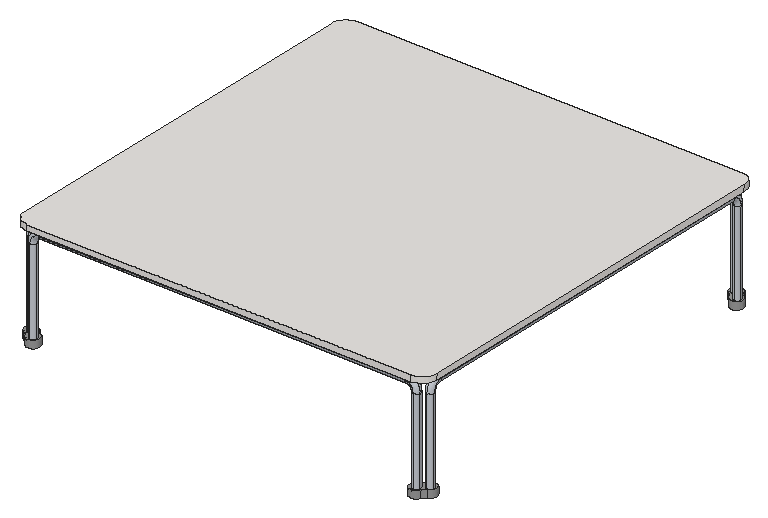
Revit family "FU_Modular_Sandler_Ari 1314", category Furniture, Revit 2020
Family settings
  OmniClass Number = 23.40.20.00
  OmniClass Title = General Furniture and Specialties
  Work Plane-Based = No
  Always vertical = Yes
  Cut with Voids When Loaded = No
  Shared = No
  Room Calculation Point = No
Parameters (values of type "Ari 1314")
  Width = 710 mm
  URL = "https://www.sandlerseating.com/product/ari-1314/"
  Top [instance] = Laminate - SileStone - White Storm
  Model = "Ari 1314"
  Manufacturer = "Sandler"
  Height = 190 mm
  Frame [instance] = Metal - Paint -AL VR - White Aluminium
  Description = "Square coffee table that can be freestanding or linked in the Ari indoor modular seating range. Table top comes in Silestone, HPL, or anti-fingerprint Fenix black laminate."
  Depth = 710 mm
  Default Elevation = 0 mm
Reference planes
  plane 1 "Center (Front/Back)": y = 0
  plane 2: z = 0
  plane 3 "Center (Left/Right)": x = 0
  plane 4 "Right": x = -355
  plane 5 "Left": x = 355
  plane 6 "Back": y = 355
  plane 7 "Front": y = -355
  plane 8 "Height": z = 190
  plane 9 "Frame height": z = 180
  plane 10 "Frame Right C TOP": x = -343
  plane 11 "Frame Front C TOP": y = -343
  plane 12 "Frame Left C TOP": x = 343
  plane 13 "Feet Right": z = 12
  plane 14 "Frame Back C TOP": y = 343
Forms (mm)
  Sweep 1, solid, material "Metal - Paint -AL VR - White Aluminium" <- "Frame"
    path origin (-343, 0, 0) x (0, 1, 0) y (0, 0, 1)
      loop
        line (-330.138, 12) -> (-330.138, 158.009)
        arc (-330.138, 158.009) -> (-325.598, 168.969) -> (-314.638, 173.509) r 15.5
        line (-314.638, 173.509) -> (314.638, 173.509)
        arc (314.638, 173.509) -> (325.598, 168.969) -> (330.138, 158.009) r 15.5
        line (330.138, 158.009) -> (330.138, 12)
    profile "Pro_Circles : 13mm" origin (-343, -330.138, 85.004) x (0, -1, 0) y (1, 0, 0)
      loop
        arc (6.467, 0.067) -> (4.592, 4.592) -> (0.067, 6.467) r 6.4
        arc (0.067, 6.467) -> (-4.545, 4.64) -> (-6.467, 0.067) r 6.401
        arc (-6.467, 0.067) -> (-4.593, -4.594) -> (0.067, -6.467) r 6.402
        arc (0.067, -6.467) -> (4.64, -4.545) -> (6.467, 0.067) r 6.401
  Sweep 2, solid, material "Metal - Paint -AL VR - White Aluminium" <- "Frame"
    path origin (0, -343, 0) x (1, 0, 0) y (0, 0, 1)
      loop
        line (-329.339, 12) -> (-329.339, 158.849)
        arc (-329.339, 158.849) -> (-324.799, 169.809) -> (-313.839, 174.349) r 15.5
        line (-313.839, 174.349) -> (314.278, 174.349)
        arc (314.278, 174.349) -> (325.238, 169.809) -> (329.778, 158.849) r 15.5
        line (329.778, 158.849) -> (329.778, 12)
    profile "Pro_Circles : 13mm" origin (-329.339, -343, 85.425) x (-1, 0, 0) y (0, -1, 0)
      loop
        arc (-6.467, 0.067) -> (-4.64, -4.545) -> (-0.067, -6.467) r 6.401
        arc (-0.067, -6.467) -> (4.593, -4.594) -> (6.467, 0.067) r 6.402
        arc (6.467, 0.067) -> (4.545, 4.64) -> (-0.067, 6.467) r 6.401
        arc (-0.067, 6.467) -> (-4.592, 4.592) -> (-6.467, 0.067) r 6.4
  Extrusion 3, solid, material "Rubber, Black"
    sketch origin (0, 0, 0) x (1, 0, 0) y (0, 1, 0)
      loop
        arc (-333.052, -325.488) -> (-350.954, -322.632) -> (-347.011, -340.326) r 10.957
        arc (-347.011, -340.326) -> (-342.509, -342.765) -> (-339.599, -346.977) r 11
        arc (-339.599, -346.977) -> (-321.636, -350.853) -> (-325.167, -332.822) r 11
        arc (-325.167, -332.822) -> (-330.068, -330.186) -> (-333.052, -325.488) r 11
    from 0 to 12
  Extrusion 4, solid, material "Rubber, Black"
    sketch origin (0, 0, 0) x (-1, 0, 0) y (0, -1, 0)
      loop
        arc (-333.052, 325.488) -> (-330.068, 330.186) -> (-325.167, 332.822) r 11
        arc (-325.167, 332.822) -> (-321.636, 350.853) -> (-339.599, 346.977) r 11
        arc (-339.599, 346.977) -> (-342.509, 342.765) -> (-347.011, 340.326) r 11
        arc (-347.011, 340.326) -> (-350.954, 322.632) -> (-333.052, 325.488) r 10.957
    from 0 to 12
  Extrusion 5, solid, material "Rubber, Black"
    sketch origin (35.925, 49.845, 0) x (0.993563, 0.113279, 0) y (-0.113279, 0.993563, 0)
      loop
        arc (-334.234, 316.232) -> (-331.25, 320.93) -> (-326.349, 323.567) r 11
        arc (-326.349, 323.567) -> (-322.818, 341.597) -> (-340.781, 337.721) r 11
        arc (-340.781, 337.721) -> (-343.691, 333.509) -> (-348.193, 331.071) r 11
        arc (-348.193, 331.071) -> (-352.136, 313.377) -> (-334.234, 316.232) r 10.957
    from 0 to 12
  Sweep 6, solid, material "Metal - Paint -AL VR - White Aluminium" <- "Frame"
    path origin (343, 0, 0) x (0, 1, 0) y (0, 0, -1)
      loop
        line (-330.138, -12) -> (-330.138, -157.942)
        arc (-330.138, -157.942) -> (-325.598, -168.903) -> (-314.638, -173.442) r 15.5
        line (-314.638, -173.442) -> (314.638, -173.442)
        arc (314.638, -173.442) -> (325.598, -168.903) -> (330.138, -157.942) r 15.5
        line (330.138, -157.942) -> (330.138, -12)
    profile "Pro_Circles : 13mm" origin (343, -330.138, 84.971) x (0, 1, 0) y (-1, 0, 0)
      loop
        arc (-6.467, 0.067) -> (-4.64, -4.545) -> (-0.067, -6.467) r 6.401
        arc (-0.067, -6.467) -> (4.593, -4.594) -> (6.467, 0.067) r 6.402
        arc (6.467, 0.067) -> (4.545, 4.64) -> (-0.067, 6.467) r 6.401
        arc (-0.067, 6.467) -> (-4.592, 4.592) -> (-6.467, 0.067) r 6.4
  Sweep 7, solid, material "Metal - Paint -AL VR - White Aluminium" <- "Frame"
    path origin (0, 343, 0) x (1, 0, 0) y (0, 0, -1)
      loop
        line (-329.339, -12) -> (-329.339, -158.783)
        arc (-329.339, -158.783) -> (-324.799, -169.743) -> (-313.839, -174.283) r 15.5
        line (-313.839, -174.283) -> (314.278, -174.283)
        arc (314.278, -174.283) -> (325.238, -169.743) -> (329.778, -158.783) r 15.5
        line (329.778, -158.783) -> (329.778, -12)
    profile "Pro_Circles : 13mm" origin (-329.339, 343, 85.391) x (1, 0, 0) y (0, 1, 0)
      loop
        arc (6.467, 0.067) -> (4.592, 4.592) -> (0.067, 6.467) r 6.4
        arc (0.067, 6.467) -> (-4.545, 4.64) -> (-6.467, 0.067) r 6.401
        arc (-6.467, 0.067) -> (-4.593, -4.594) -> (0.067, -6.467) r 6.402
        arc (0.067, -6.467) -> (4.64, -4.545) -> (6.467, 0.067) r 6.401
  Extrusion 8, solid, material "Rubber, Black"
    sketch origin (-35.925, 49.845, 0) x (-0.993563, 0.113279, 0) y (-0.113279, -0.993563, 0)
      loop
        arc (-334.234, -316.232) -> (-352.136, -313.377) -> (-348.193, -331.071) r 10.957
        arc (-348.193, -331.071) -> (-343.691, -333.509) -> (-340.781, -337.721) r 11
        arc (-340.781, -337.721) -> (-322.818, -341.597) -> (-326.349, -323.567) r 11
        arc (-326.349, -323.567) -> (-331.25, -320.93) -> (-334.234, -316.232) r 11
    from 0 to 12
  Extrusion 9, solid, material "Laminate - SileStone - White Storm" <- "Top"
    sketch origin (0, 0, 180) x (-1, 0, 0) y (0, -1, 0)
      loop
        arc (330, -355) -> (347.678, -347.678) -> (355, -330) r 25
        line (355, -330) -> (355, 330)
        arc (355, 330) -> (347.678, 347.678) -> (330, 355) r 25
        line (330, 355) -> (-330, 355)
        arc (-330, 355) -> (-347.678, 347.678) -> (-355, 330) r 25
        line (-355, 330) -> (-355, -330)
        arc (-355, -330) -> (-347.678, -347.678) -> (-330, -355) r 25
        line (-330, -355) -> (330, -355)
    from 0 to 10
Dimensions and locks
  equal spacing: plane 4 "Right", plane 3 "Center (Left/Right)", plane 5 "Left"
  "Width": plane 4 "Right" to plane 5 "Left"
  equal spacing: plane 6 "Back", plane 1 "Center (Front/Back)", plane 7 "Front"
  "Depth": plane 6 "Back" to plane 7 "Front"
  "Height": plane 8 "Height" to level
  plane 9 "Frame height" to level = 180 mm
  aligned and locked: level to plane 2
Automatic sketch dimensions
  plane 11 "Frame Front C TOP" to Extrusion 3 sketch curve = 0 mm
  Extrusion 3 sketch curve to plane 4 "Right" = 5.144 mm
  plane 10 "Frame Right C TOP" to Extrusion 3 sketch curve = 0.027 mm
  plane 10 "Frame Right C TOP" to Extrusion 3 sketch curve = 13.661 mm
  plane 10 "Frame Right C TOP" to Extrusion 3 sketch curve = 20.423 mm
  plane 7 "Front" to Extrusion 3 sketch curve = 4.048 mm
  Extrusion 3 sketch curve to plane 11 "Frame Front C TOP" = 12.86 mm
  Extrusion 3 sketch curve to plane 11 "Frame Front C TOP" = 20.869 mm
  Extrusion 3 sketch curve to plane 10 "Frame Right C TOP" = 4.011 mm
  plane 10 "Frame Right C TOP" to Extrusion 3 sketch curve = 3.401 mm
  Extrusion 3 sketch curve to Extrusion 3 sketch curve = 0.004 mm
  plane 10 "Frame Right C TOP" to Extrusion 3 sketch curve = 9.948 mm
  Extrusion 3 sketch curve to Extrusion 3 sketch curve = 7.885 mm
  plane 11 "Frame Front C TOP" to Extrusion 3 sketch curve = 3.975 mm
  plane 11 "Frame Front C TOP" to Extrusion 4 sketch curve = 0 mm
  Extrusion 4 sketch curve to plane 5 "Left" = 5.144 mm
  Extrusion 4 sketch curve to plane 12 "Frame Left C TOP" = 0.027 mm
  Extrusion 4 sketch curve to plane 12 "Frame Left C TOP" = 13.661 mm
  Extrusion 4 sketch curve to plane 12 "Frame Left C TOP" = 20.423 mm
  Extrusion 4 sketch curve to plane 7 "Front" = 4.048 mm
  plane 11 "Frame Front C TOP" to Extrusion 4 sketch curve = 12.86 mm
  plane 11 "Frame Front C TOP" to Extrusion 4 sketch curve = 20.869 mm
  plane 12 "Frame Left C TOP" to Extrusion 4 sketch curve = 4.011 mm
  Extrusion 4 sketch curve to plane 12 "Frame Left C TOP" = 3.401 mm
  Extrusion 4 sketch curve to Extrusion 4 sketch curve = 0.004 mm
  Extrusion 4 sketch curve to plane 12 "Frame Left C TOP" = 9.948 mm
  Extrusion 4 sketch curve to Extrusion 4 sketch curve = 7.885 mm
  Extrusion 4 sketch curve to plane 11 "Frame Front C TOP" = 3.975 mm
  plane 4 "Right" to Extrusion 5 sketch curve = 3.439 mm
  plane 6 "Back" to Extrusion 5 sketch curve = 5.423 mm
  Extrusion 5 sketch curve to Extrusion 5 sketch curve = 6.883 mm
  Extrusion 5 sketch curve to Extrusion 5 sketch curve = 13.634 mm
  Extrusion 5 sketch curve to Extrusion 5 sketch curve = 20.396 mm
  Extrusion 5 sketch curve to Extrusion 5 sketch curve = 7.952 mm
  Extrusion 5 sketch curve to Extrusion 5 sketch curve = 12.86 mm
  Extrusion 5 sketch curve to Extrusion 5 sketch curve = 8.009 mm
  Extrusion 5 sketch curve to Extrusion 5 sketch curve = 4.038 mm
  Extrusion 5 sketch curve to Extrusion 5 sketch curve = 7.411 mm
  Extrusion 5 sketch curve to Extrusion 5 sketch curve = 0.004 mm
  Extrusion 5 sketch curve to Extrusion 5 sketch curve = 9.921 mm
  Extrusion 5 sketch curve to Extrusion 5 sketch curve = 7.885 mm
  Extrusion 5 sketch curve to Extrusion 5 sketch curve = 3.975 mm
  plane 5 "Left" to Extrusion 8 sketch curve = 3.439 mm
  Extrusion 8 sketch curve to plane 6 "Back" = 5.423 mm
  Extrusion 8 sketch curve to Extrusion 8 sketch curve = 6.883 mm
  Extrusion 8 sketch curve to Extrusion 8 sketch curve = 13.634 mm
  Extrusion 8 sketch curve to Extrusion 8 sketch curve = 20.396 mm
  Extrusion 8 sketch curve to Extrusion 8 sketch curve = 7.952 mm
  Extrusion 8 sketch curve to Extrusion 8 sketch curve = 12.86 mm
  Extrusion 8 sketch curve to Extrusion 8 sketch curve = 8.009 mm
  Extrusion 8 sketch curve to Extrusion 8 sketch curve = 4.038 mm
  Extrusion 8 sketch curve to Extrusion 8 sketch curve = 7.411 mm
  Extrusion 8 sketch curve to Extrusion 8 sketch curve = 0.004 mm
  Extrusion 8 sketch curve to Extrusion 8 sketch curve = 9.921 mm
  Extrusion 8 sketch curve to Extrusion 8 sketch curve = 7.885 mm
  Extrusion 8 sketch curve to Extrusion 8 sketch curve = 3.975 mm
  Sweep 6 sketch curve to plane 13 "Feet Right" = 0 mm  (x2)
  Sweep 6 sketch curve to plane 11 "Frame Front C TOP" = 12.862 mm
  Sweep 6 sketch curve to Sweep 6 sketch curve = 15.5 mm
  Sweep 6 sketch curve to plane 14 "Frame Back C TOP" = 28.362 mm
  Sweep 6 sketch curve to plane 14 "Frame Back C TOP" = 12.862 mm
  Sweep 1 sketch curve to plane 13 "Feet Right" = 0 mm  (x2)
  Sweep 1 sketch curve to plane 11 "Frame Front C TOP" = 12.862 mm
  Sweep 1 sketch curve to Sweep 1 sketch curve = 15.5 mm
  Sweep 1 sketch curve to plane 14 "Frame Back C TOP" = 28.362 mm
  Sweep 1 sketch curve to plane 14 "Frame Back C TOP" = 12.862 mm
  Sweep 2 sketch curve to plane 13 "Feet Right" = 0 mm  (x2)
  plane 10 "Frame Right C TOP" to Sweep 2 sketch curve = 13.661 mm
  Sweep 2 sketch curve to Sweep 2 sketch curve = 15.5 mm
  plane 12 "Frame Left C TOP" to Sweep 2 sketch curve = 28.722 mm
  plane 12 "Frame Left C TOP" to Sweep 2 sketch curve = 13.222 mm
  Sweep 7 sketch curve to plane 13 "Feet Right" = 0 mm  (x2)
  plane 10 "Frame Right C TOP" to Sweep 7 sketch curve = 13.661 mm
  Sweep 7 sketch curve to Sweep 7 sketch curve = 15.5 mm
  plane 12 "Frame Left C TOP" to Sweep 7 sketch curve = 28.722 mm
  plane 12 "Frame Left C TOP" to Sweep 7 sketch curve = 13.222 mm
  Sweep 1 sketch curve to plane 8 "Height" = 31.991 mm
  Sweep 2 sketch curve to plane 8 "Height" = 31.151 mm
  Sweep 6 sketch curve to plane 8 "Height" = 32.058 mm
  Sweep 7 sketch curve to plane 8 "Height" = 31.217 mm
  Extrusion 9 sketch curve to plane 5 "Left" = 0 mm
  Extrusion 9 sketch curve to plane 7 "Front" = 0 mm
  Extrusion 9 sketch curve to plane 6 "Back" = 0 mm
  Extrusion 9 sketch curve to plane 4 "Right" = 0 mm
  plane 12 "Frame Left C TOP" to Extrusion 9 sketch curve = 13 mm  (x2)
  plane 10 "Frame Right C TOP" to Extrusion 9 sketch curve = 13 mm  (x2)
